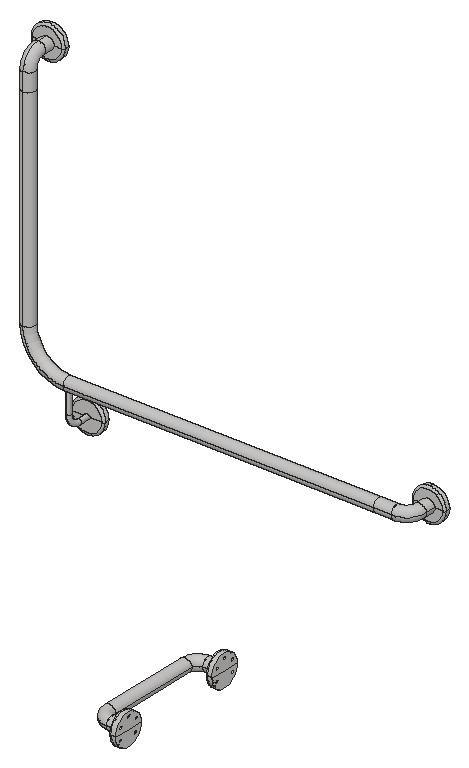
Revit family "rba-bim-rba4090-301", category Plumbing Fixtures, Revit 2016
Family settings
  Part Type = Normal
  Round Connector Dimension = Use Diameter
  Work Plane-Based = No
  Always vertical = No
  Cut with Voids When Loaded = No
  Shared = No
  Room Calculation Point = No
Parameters (values of type "RBA4090-301")
  Watermarked By = "www.rba.com.au"
  URL = "http://www.rba.com.au/accessible-disabled/grab-rails"
  Phone Number = "1300 788 778"
  OFFSET = 800.00 mm
  Modified Issue = "20190806.01"
  Model = "RBA4090-301"
  Materials and Finishes = Stainless Steel, Satin Finish
  Manufacturer Model = ""
  Manufacturer = "RBA Group"
  Distance Away from Wall [instance] = 100.00 mm
  Distance Away from Toilet [instance] = 1090.00 mm
  Description = "90° WC Grab Rail Set - Right Hand, 300 Straight"
  Copyrighted by = "RBA Group"  # constant formula
  Assembly Code = ""
Reference planes
  plane 1 "Center (Front/Back)": y = 0
  plane 2: z = 0
  plane 3: x = 40.5
  plane 4: z = 800
  plane 5: x = 1090.5
  plane 6: x = 990.5
  plane 7: x = 140.5
  plane 8: z = 700
  plane 9: z = 1500
  plane 10: y = -89
  plane 11: y = -57
  plane 12: y = -1074
  plane 13: y = -1090
  plane 14: x = 1033.5
  plane 15: x = 1001.5
  plane 16: z = 816
  plane 17: x = 56.5
Dimensions and locks
  "OFFSET": plane 4 to plane 2
  plane 11 to plane 1 "Center (Front/Back)" = 57.00 mm
  plane 10 to plane 1 "Center (Front/Back)" = 89.00 mm
  "Distance Away from Wall": plane 6 to plane 5
  locked: plane 12 to plane 13 at 16
  "Distance Away from Toilet": plane 13 to plane 1 "Center (Front/Back)"
  aligned and locked: plane 3 to nested 1
  aligned and locked: plane 4 to nested 1
  aligned and locked: nested 2 to plane 5
  aligned and locked: plane 12 to nested 2
  aligned and locked: plane 4 to nested 2
Nested families
  nested 1: "rba-bim-rba4090-911" at (950, 0, 800), type "RBA4090-911"
  nested 2: "rba-bim-rba4000-000" at (1090.5, -2152, 800) x (0, 1, 0) z (0, 0, -1), type "RBA4000-030"
Definition of nested family "rba-bim-rba4090-911"
  Parameters (values of type "RBA4090-911")
    Watermarked By = "www.rba.com.au"
    URL = "http://www.rba.com.au/accessible-disabled/grab-rails"
    R_Void [instance] = 15.00 mm
    R [instance] = 0.00 mm
    Phone Number = "1300 788 778"
    Model = "RBA4090-911"
    Manufacturer Model = "B819435"
    Manufacturer = "Bobrick"
    Description = "90° Angled Grab Rail"
    Copyrighted by = "RBA Group"  # constant formula
    BAR = none
    Assembly Code = ""
  Reference planes
    plane 1 "Center (Front/Back)": y = 0
    plane 2: z = 0
    plane 3: x = 40.5
    plane 4: z = 670
    plane 5: z = 730
    plane 6: x = -879.5
    plane 7: x = -939.5
    plane 8: z = 700
    plane 9: z = -100
    plane 10: x = 40.5
    plane 11: z = 670
    plane 12: z = 730
    plane 13: x = -939.5
    plane 14: x = -879.5
    plane 15: z = -130
    plane 16: z = -70
    plane 17: x = -839.5
    plane 18: x = -779.5
    plane 19: z = -100
    plane 20: x = -909.5
    plane 21: x = -809.5
    plane 22: z = 700
    plane 23: z = -30
    plane 24: z = 30
    plane 25: x = 70.5
    plane 26: x = 10.5
    plane 27: z = -30
    plane 28: z = 30
    plane 29: x = 10.5
    plane 30: x = 70.5
    plane 31: z = 16
    plane 32: x = -893.5
  Forms (mm)
    Extrusion 1, solid
      sketch origin (-909.5, -2.628, 1015.907) x (0, 0, -1) y (-1, 0, 0)
        loop
          circle (315.907, 0) r 40
      from -0.219 to 2.628
    Revolve 2, solid
      sketch origin (40.5, 18.663, 0) x (0, -1, 0) y (1, 0, 0)
        loop
          line (18.663, 0) -> (18.663, -41.5) -> (27.844, -41.5)
          arc (27.844, -41.5) -> (31.337, -40.077) -> (32.842, -36.617) r 5
          line (32.842, -36.617) -> (33.701, 0) -> (18.663, 0)
        axis (18.663, 0) -> (33.701, 0)
      angle from 0 to 360
    Extrusion 3, void
      sketch origin (-909.5, 34.941, 1015.907) x (0, 0, -1) y (-1, 0, 0)
        loop
          circle (315.907, -30) r 5
        loop
          circle (315.907, 30) r 5
      from -37.788 to -30
    Extrusion 4, solid
      sketch origin (-909.5, -2.628, 1015.907) x (0, 0, -1) y (-1, 0, 0)
        loop
          circle (315.907, 0) r 40
      from -0.219 to 2.628
    Extrusion 5, void
      sketch origin (-909.5, 34.941, 1015.907) x (0, 0, -1) y (-1, 0, 0)
        loop
          circle (315.907, 30) r 5
        loop
          circle (315.907, -30) r 5
      from -37.788 to -30
    Sweep 6, solid
      path origin (40.5, 9.454, 0) x (0, -1, 0) y (1, 0, 0)
        loop
          line (12.302, 0) -> (50.454, 0)
          arc (50.454, 0) -> (73.082, -9.373) -> (82.454, -32) r 32
          line (82.454, -32) -> (82.454, -76)
      profile origin (40.5, -21.924, 0) x (1, 0, 0) y (0, 0, 1)
        loop
          circle (0, 0) r 16
    Extrusion 7, solid
      sketch origin (-909.5, -2.628, 1015.907) x (0, 0, -1) y (-1, 0, 0)
        loop
          circle (315.907, 0) r 40
      from -0.219 to 2.628
    Sweep 8, solid
      path origin (-1609.5, 9.454, 700) x (0, -1, 0) y (0, 0, -1)
        loop
          line (12.302, 0) -> (50.454, 0)
          arc (50.454, 0) -> (73.082, 9.373) -> (82.454, 32) r 32
          line (82.454, 32) -> (82.454, 76)
      profile origin (-1609.5, -21.924, 700) x (0, 0, -1) y (1, 0, 0)
        loop
          circle (0, 700) r 16
    Revolve 9, solid
      sketch origin (-909.5, 18.663, 700) x (0, -1, 0) y (1, 0, 0)
        loop
          line (18.663, 0) -> (18.663, -41.5) -> (27.844, -41.5)
          arc (27.844, -41.5) -> (31.337, -40.077) -> (32.842, -36.617) r 5
          line (32.842, -36.617) -> (33.701, 0) -> (18.663, 0)
        axis (18.663, 0) -> (33.701, 0)
      angle from 0 to 360
    Sweep 10, solid
      path origin (81, 0, 0) x (-1, 0, 0) y (0, 0, 1)
        loop
          line (116.5, 0) -> (890.5, 0)
          arc (890.5, 0) -> (961.211, 29.289) -> (990.5, 100) r 100
          line (990.5, 100) -> (990.5, 624)
      profile origin (-422.5, 0, 0) x (0, 0, -1) y (0, -1, 0)
        loop
          circle (0, 73) r 16
    Extrusion 11, solid
      sketch origin (-809.5, -2.628, 215.907) x (0, 0, -1) y (-1, 0, 0)
        loop
          circle (315.907, 0) r 40
      from -0.219 to 2.628
    Revolve 12, solid
      sketch origin (-809.5, 18.663, -100) x (0, -1, 0) y (1, 0, 0)
        loop
          line (18.663, 0) -> (33.701, 0) -> (32.842, 36.617)
          arc (32.842, 36.617) -> (31.337, 40.077) -> (27.844, 41.5) r 5
          line (27.844, 41.5) -> (18.663, 41.5) -> (18.663, 0)
        axis (18.663, 0) -> (33.701, 0)
      angle from 0 to 360
    Sweep 13, solid
      path origin (-809.5, 9.454, -100) x (0, -1, 0) y (0, 0, 1)
        loop
          line (12.302, 0) -> (50.454, 0)
          arc (50.454, 0) -> (73.082, 9.373) -> (82.454, 32) r 32
          line (82.454, 32) -> (82.454, 100)
      profile origin (-809.5, -21.924, -100) x (0, 0, 1) y (-1, 0, 0)
        loop
          circle (0, 0) r 6
    Extrusion 14, void
      sketch origin (-809.5, 34.941, 215.907) x (0, 0, -1) y (-1, 0, 0)
        loop
          circle (315.907, 30) r 5
        loop
          circle (315.907, -30) r 5
      from -37.788 to -30
    Extrusion 15, solid
      sketch origin (40.5, -2.628, 315.907) x (0, 0, -1) y (-1, 0, 0)
        loop
          circle (315.907, 0) r 40
      from -0.219 to 2.628
    Extrusion 16, void
      sketch origin (40.5, 34.941, 315.907) x (0, 0, -1) y (-1, 0, 0)
        loop
          circle (315.907, -30) r 5
        loop
          circle (315.907, 30) r 5
      from -37.788 to -34.941
    Extrusion 17, solid
      sketch origin (40.5, -2.628, 315.907) x (0, 0, -1) y (-1, 0, 0)
        loop
          circle (315.907, 0) r 40
      from -0.219 to 2.628
    Extrusion 18, void
      sketch origin (40.5, 34.941, 315.907) x (0, 0, -1) y (-1, 0, 0)
        loop
          circle (315.907, 30) r 5
        loop
          circle (315.907, -30) r 5
      from -37.788 to -34.941
    Extrusion 19, solid
      sketch origin (40.5, -2.628, 315.907) x (0, 0, -1) y (-1, 0, 0)
        loop
          circle (315.907, 0) r 40
      from -0.219 to 2.628
  Cuts and joins
    Extrusion 3, Extrusion 5, Extrusion 16, Extrusion 18 cuts Extrusion 1
    Extrusion 5, Extrusion 16, Extrusion 18 cuts Extrusion 4
    Extrusion 3, Extrusion 5, Extrusion 18 cuts Revolve 2
    Extrusion 5, Extrusion 16 cuts Revolve 9
    Extrusion 14 cuts Revolve 12
    joined: Revolve 2, Sweep 6, Sweep 8, Revolve 9, Sweep 10, Revolve 12, Sweep 13
    Extrusion 14 cuts Extrusion 11
    Extrusion 5, Extrusion 16 cuts Extrusion 7
    Extrusion 16 cuts Extrusion 15
    Extrusion 16 cuts Extrusion 17
    Extrusion 16, Extrusion 18 cuts Extrusion 19
  Dimensions and locks
    Revolve 2 sketch curve to Revolve 2 sketch curve = 41.50 mm
    plane 5 to plane 4 to level = 60.00 mm, 670.00 mm
    plane 7 to plane 6 = 60.00 mm
    plane 12 to plane 11 = 60.00 mm
    plane 13 to plane 14 = 60.00 mm
    Revolve 9 sketch curve to Revolve 9 sketch curve = 41.50 mm
    Revolve 12 sketch curve to Revolve 12 sketch curve = 41.50 mm
    plane 16 to plane 15 = 60.00 mm
    plane 17 to plane 18 = 60.00 mm
    plane 22 to plane 2 = 700.00 mm
    plane 10 to plane 20 = 950.00 mm
    plane 21 to plane 20 = 100.00 mm
    plane 2 to plane 19 = 100.00 mm
    plane 24 to plane 23 = 60.00 mm
    plane 26 to plane 25 = 60.00 mm
    plane 28 to plane 27 = 60.00 mm
    plane 29 to plane 30 = 60.00 mm
    radius of Extrusion 1 sketch curve = 40.00 mm
    radius of Extrusion 4 sketch curve = 40.00 mm
    radius of Sweep 6 sketch curve = 16.00 mm
    radius of Extrusion 7 sketch curve = 40.00 mm
    radius of Sweep 8 sketch curve = 16.00 mm
    radius of Extrusion 11 sketch curve = 40.00 mm
    radius of Sweep 13 sketch curve = 6.00 mm
    radius of Extrusion 15 sketch curve = 40.00 mm
    radius of Extrusion 17 sketch curve = 40.00 mm
    radius of Extrusion 19 sketch curve = 40.00 mm
    aligned and locked: Extrusion 1 to Revolve 2
    aligned and locked: Revolve 12 to Extrusion 11
Definition of nested family "rba-bim-rba4000-000"
  Parameters (values of type "RBA4000-030")
    Watermarked By = "www.rba.com.au"
    URL = "http://www.rba.com.au/accessible-disabled/grab-rails"
    Length of Rail = 300.00 mm
    Phone Number = "1300 788 778"
    Model = "RBA4110-923"
    Manufacturer = "RBA GROUP"
    Description = "90deg Angled Shower Grab Rail"
    Default Elevation = 1219.20 mm
    Copyrighted By = "RBA Group"  # constant formula
    BAR = none
    Assembly Code = ""
  Reference planes
    plane 1 "Center (Front/Back)": y = 0
    plane 2: x = 1078
    plane 3: x = 1378
    plane 4: z = 0
    plane 5: through (1334.776, 25.441, -51.059) normal (-0.515, 0, 0.8572)
    plane 6: through (1450.22, 25.441, 99.629) normal (0.8572, 0, 0.515)
    plane 7: through (1403.075, 25.441, 71.301) normal (0.8572, 0, 0.515)
    plane 8: y = -89
    plane 9: y = -57
  Forms (mm)
    Sweep 1, solid
      path origin (1651.954, -750, 0) x (-1, 0, 0) y (0, -1, 0)
        loop
          line (573.954, -740) -> (573.954, -709)
          arc (573.954, -709) -> (564.582, -686.373) -> (541.954, -677) r 32
          line (541.954, -677) -> (305.954, -677)
          arc (305.954, -677) -> (283.327, -686.373) -> (273.954, -709) r 32
          line (273.954, -709) -> (273.954, -740)
      profile origin (1228, -73, 0) x (0, 1, 0) y (0, 0, 1)
        loop
          circle (0, 0) r 16
    Extrusion 2, solid
      sketch origin (640.5, -2.628, 315.907) x (0, 0, -1) y (-1, 0, 0)
        loop
          circle (315.907, -437.5) r 37.5
      from -7.372 to 2.628
    Extrusion 3, void
      sketch origin (215.296, 34.941, 270.785) x (0.515038, 0, -0.857167) y (-0.857167, 0, -0.515038)
        loop
          circle (674.422, -627.443) r 5
        loop
          circle (676.434, -572.517) r 5
      from -46.533 to -34.941
    Extrusion 4, solid
      sketch origin (1315.5, -2.628, 315.907) x (0, 0, -1) y (-1, 0, 0)
        loop
          circle (315.907, -62.5) r 37.5
      from -7.372 to 2.628
    Revolve 5, solid
      sketch origin (1315.5, 18.663, 0) x (0, -1, 0) y (1, 0, 0)
        loop
          line (18.663, 62.5) -> (36.046, 62.5) -> (35.246, 96.617)
          arc (35.246, 96.617) -> (33.742, 100.077) -> (30.248, 101.5) r 5
          line (30.248, 101.5) -> (18.663, 101.5) -> (18.663, 62.5)
        axis (18.663, 62.5) -> (36.046, 62.5)
      angle from 0 to 360
    Extrusion 6, void
      sketch origin (1315.296, 34.941, 270.785) x (0.515038, 0, -0.857167) y (-0.857167, 0, -0.515038)
        loop
          circle (264.403, 58.217) r 5
        loop
          circle (264.403, 113.217) r 5
      from -44.941 to -34.941
    Extrusion 7, void
      sketch origin (978, 0, 1415.907) x (0, 0, 1) y (-1, 0, 0)
        loop
          circle (-1430.457, -424.215) r 5
        loop
          circle (-1401.357, -375.785) r 5
        loop
          circle (-1444.157, -400) r 5
      from 0 to 5
    Extrusion 8, void
      sketch origin (815.5, 0, 1415.907) x (0, 0, 1) y (-1, 0, 0)
        loop
          circle (-1430.457, -286.715) r 5
        loop
          circle (-1444.157, -262.5) r 5
        loop
          circle (-1401.357, -238.285) r 5
      from 0 to 5
    Revolve 9, solid
      sketch origin (1140.5, 18.663, 0) x (0, -1, 0) y (1, 0, 0)
        loop
          line (18.663, -62.5) -> (18.663, -101.5) -> (30.248, -101.5)
          arc (30.248, -101.5) -> (33.742, -100.077) -> (35.246, -96.617) r 5
          line (35.246, -96.617) -> (36.046, -62.5) -> (18.663, -62.5)
        axis (18.663, -62.5) -> (36.046, -62.5)
      angle from 0 to 360
  Cuts and joins
    Extrusion 3, Extrusion 8 cuts Extrusion 2
    Extrusion 6, Extrusion 7 cuts Extrusion 4
    Extrusion 6, Extrusion 7 cuts Revolve 5
    Extrusion 3, Extrusion 8 cuts Revolve 9
    joined: Sweep 1, Revolve 5, Revolve 9
  Dimensions and locks
    locked: Revolve 5 sketch curve to Revolve 5 sketch curve at 39
    plane 7 to plane 6 = 55.00 mm
    locked: plane 3 to Extrusion 4 sketch curve
    locked: Extrusion 4 sketch curve to plane 4
    locked: Extrusion 7 sketch curve to plane 3 at 24.215
    locked: Extrusion 7 sketch curve to plane 4 at 14.55
    locked: plane 3 to Extrusion 6 sketch curve at 23.572
    locked: Extrusion 6 sketch curve to plane 4 at 14.164
    plane 1 "Center (Front/Back)" to Revolve 5 sketch curve = 17.383 mm
    locked: Extrusion 2 sketch curve to plane 2
    locked: Extrusion 2 sketch curve to plane 4 at 0
    locked: plane 2 to Extrusion 8 sketch curve at 24.215
    locked: plane 4 to Extrusion 8 sketch curve at 14.55
    locked: Extrusion 7 sketch curve to plane 3 at 0
    locked: plane 3 to Extrusion 7 sketch curve at 24.215
    locked: Extrusion 7 sketch curve to plane 4 at 28.25
    locked: plane 4 to Extrusion 7 sketch curve at 14.55
    locked: plane 4 to Extrusion 6 sketch curve at 14.164
    locked: Extrusion 6 sketch curve to plane 3 at 23.572
    locked: Revolve 5 sketch curve to plane 3 at 34.117
    plane 1 "Center (Front/Back)" to Revolve 5 sketch curve = 16.583 mm
    locked: plane 1 "Center (Front/Back)" to cut or joined group of Sweep 1, Extrusion 3, Revolve 5, Extrusion 6, Extrusion 7, Extrusion 8, Revolve 9 at 0
    locked: plane 1 "Center (Front/Back)" to plane 9 at 57
    locked: plane 1 "Center (Front/Back)" to plane 8 at 89
    locked: level to Sweep 1 sketch curve at 0
    equal spacing: plane 9, profile plane, plane 8
    equal spacing: plane 8, Sweep 1 sketch curve, plane 9
    "Length of Rail": plane 3 to plane 2
    locked: Revolve 9 sketch curve to Revolve 9 sketch curve at 39
    radius of Sweep 1 sketch curve = 16.00 mm
    aligned and locked: Extrusion 4 to Revolve 5
    aligned and locked: Extrusion 2 to Extrusion 3
    aligned and locked: Extrusion 4 to Extrusion 6
    aligned and locked: plane 3 to Sweep 1 sketch curve
    aligned and locked: cut or joined group of Extrusion 4, Extrusion 6, Extrusion 7 to Sweep 1 sketch curve
  Automatic sketch dimensions
    Sweep 1 sketch curve to plane 2 = 0.00 mm
    Sweep 1 sketch curve to plane 9 = 16.00 mm
    plane 2 to Sweep 1 sketch curve = 32.00 mm
    plane 1 "Center (Front/Back)" to Sweep 1 sketch curve = 10.00 mm
    Sweep 1 sketch curve to profile plane = 0.00 mm
    level to Extrusion 3 sketch curve = 15.85 mm
    plane 2 to Extrusion 3 sketch curve = 22.473 mm
    Extrusion 3 sketch curve to Extrusion 3 sketch curve = 2.012 mm
    Extrusion 3 sketch curve to Extrusion 3 sketch curve = 54.926 mm
    Revolve 5 sketch curve to plane 3 = 0.00 mm  (x2)
    plane 1 "Center (Front/Back)" to Revolve 5 sketch curve = 0.00 mm
    Revolve 5 sketch curve to Revolve 5 sketch curve = 4.999 mm
    Revolve 5 sketch curve to plane 1 "Center (Front/Back)" = 21.537 mm
    Revolve 5 sketch curve to plane 9 = 13.537 mm
    Extrusion 8 sketch curve to plane 2 = 0.00 mm
    Extrusion 8 sketch curve to level = 14.55 mm
    Extrusion 8 sketch curve to Extrusion 8 sketch curve = 13.70 mm
    plane 2 to Extrusion 8 sketch curve = 24.215 mm
    plane 1 "Center (Front/Back)" to Revolve 9 sketch curve = 0.00 mm
    plane 1 "Center (Front/Back)" to Revolve 9 sketch curve = 11.585 mm
    Revolve 9 sketch curve to Revolve 9 sketch curve = 4.999 mm
    plane 2 to Revolve 9 sketch curve = 0.00 mm
    Revolve 9 sketch curve to Revolve 9 sketch curve = 17.383 mm
    Revolve 9 sketch curve to plane 2 = 34.00 mm
    Revolve 9 sketch curve to Revolve 9 sketch curve = 0.117 mm
    Revolve 9 sketch curve to plane 1 "Center (Front/Back)" = 21.537 mm
    Revolve 9 sketch curve to plane 9 = 13.537 mm
    radius of Extrusion 2 sketch curve = 37.50 mm
    radius of Extrusion 3 sketch curve = 5.00 mm  (x2)
    radius of Extrusion 4 sketch curve = 37.50 mm
    radius of Extrusion 6 sketch curve = 5.00 mm  (x2)
    radius of Extrusion 7 sketch curve = 5.00 mm  (x3)
    radius of Extrusion 8 sketch curve = 5.00 mm  (x3)
  Nested families
    nested 1: "FamilyID" at (1.5, 0, 0), type "FamilyID"
  Definition of nested family "FamilyID"
    Reference planes
      plane 1: y = 0
      plane 2: x = 0
    Text (mm)
      text "RBA COPYRIGHT" at (0.001, 0.001, 0)
